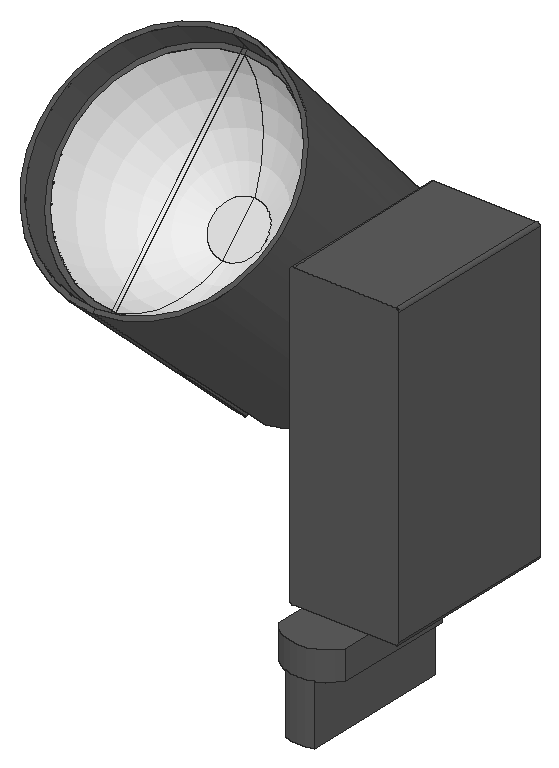
Revit family "0004890 Feilo Sylvania Lighting Fixture START TRACK SPOT L 35W 3K RA90 MB BLACK", category Lighting Fixtures, host Face, Revit 2017 (continued)
Definition of nested family "Start Track Spot Head"
  Types (96, lengths in mm): name | Wattage | built-in parameter 1150134 | Photometric Web File | Model | built-in parameter 1150105 | Lumens | built-in parameter 1150107 | built-in parameter 1150106 | HeadThickness_FEILO | HeadRibOffset_FEILO | HeadRibDepth_FEILO | HeadRibCutWidth_FEILO | HeadRibCutOffset_FEILO | HeadReflectorRadius_FEILO | HeadReflectorOffset_FEILO | HeadLEDRadius_FEILO | HeadHeight_FEILO | HeadDiffusorOffset_FEILO | HeadDiaOut_FEILO | HeadDiaIn_FEILO | HeadAxisFromTop_FEILO | Emit from Circle Diameter | built-in parameter 1150104 | Description | Apparent Load
    0004864 START TRACK SPOT S 24W 3K RA90 WB WHITE | 24 W | (empty or 0) | "0004864.ies" | "START TRACK SPOT S 24W 3K RA90 WB WHITE" | 152.79 (stored number, unit not read) | 1920 lm | 3000 (stored number, unit not read) | 1.5279 (stored number, unit not read) | 1.5 | 4.179 | 55.714 | 7.167 | 50.87 | 50.588 | 55.714 | 9.556 | 117 | 9.435 | 86 | 77.477 | 69.354 | 77.477 | 7.4322 (stored number, unit not read) | "Integrated LED spotlight, Textured White - RAL9016, compact and minimalist design, ideal for retail applications, die-cast aluminium body, passive cooling heatsink. Beam angle: 64°, color temperature: 3000K , total system power: 24W, total fixture output: 1928 lm, LOR: 100%, colour rendering: Ra: 90 typical, LED Chromaticity: 3 step MacAdam ellipse, lifetime: >50000 hours at L70B50, energy class: A++, A+, A, IR/UV free light source without heat radiation, operating voltage: 220-240V / 50-60Hz, drive current: 600mA, electronic driver, non-dimmable, power factor: 0.95, electrical protection: Class II, Global Track 3 Phase adapter suitable for Global trac 3-circuit tracks, ingress protection rating: IP20, suitable for internal environment only, horizontal rotation: 355°, vertical tilt: 90°, dimensions: Ø86x140x200, weight: 0.966kg." | 24 VA
    0004863 START TRACK SPOT S 24W 3K RA90 MB WHITE | 24 W | (empty or 0) | "0004863.ies" | "START TRACK SPOT S 24W 3K RA90 MB WHITE" | 154.7 (stored number, unit not read) | 1944 lm | 3000 (stored number, unit not read) | 1.547 (stored number, unit not read) | 1.5 | 4.179 | 55.714 | 7.167 | 50.87 | 50.588 | 55.714 | 9.556 | 117 | 9.435 | 86 | 77.477 | 69.354 | 77.477 | 7.5251 (stored number, unit not read) | "Integrated LED spotlight, Textured White - RAL9016, compact and minimalist design, ideal for retail applications, die-cast aluminium body, passive cooling heatsink. Beam angle: 36°, color temperature: 3000K , total system power: 24W, total fixture output: 1944 lm, LOR: 100%, colour rendering: Ra: 90 typical, LED Chromaticity: 3 step MacAdam ellipse, lifetime: >50000 hours at L70B50, energy class: A++, A+, A, IR/UV free light source without heat radiation, operating voltage: 220-240V / 50-60Hz, drive current: 600mA, electronic driver, non-dimmable, power factor: 0.95, electrical protection: Class II, Global Track 3 Phase adapter suitable for Global trac 3-circuit tracks, ingress protection rating: IP20, suitable for internal environment only, horizontal rotation: 355°, vertical tilt: 90°, dimensions: Ø86x140x200, weight: 0.966kg." | 24 VA
    0004862 START TRACK SPOT S 24W 3K RA90 NB WHITE | 24 W | (empty or 0) | "0004862.ies" | "START TRACK SPOT S 24W 3K RA90 NB WHITE" | 158.52 (stored number, unit not read) | 1992 lm | 3000 (stored number, unit not read) | 1.5852 (stored number, unit not read) | 1.5 | 4.179 | 55.714 | 7.167 | 50.87 | 50.588 | 55.714 | 9.556 | 117 | 9.435 | 86 | 77.477 | 69.354 | 77.477 | 7.711 (stored number, unit not read) | "Integrated LED spotlight, Textured White - RAL9016, compact and minimalist design, ideal for retail applications, die-cast aluminium body, passive cooling heatsink. Beam angle: 12°, color temperature: 3000K , total system power: 24W, total fixture output: 1987 lm, LOR: 100%, colour rendering: Ra: 90 typical, LED Chromaticity: 3 step MacAdam ellipse, lifetime: >50000 hours at L70B50, energy class: A++, A+, A, IR/UV free light source without heat radiation, operating voltage: 220-240V / 50-60Hz, drive current: 600mA, electronic driver, non-dimmable, power factor: 0.95, electrical protection: Class II, Global Track 3 Phase adapter suitable for Global trac 3-circuit tracks, ingress protection rating: IP20, suitable for internal environment only, horizontal rotation: 355°, vertical tilt: 90°, dimensions: Ø86x140x200, weight: 0.966kg." | 24 VA
    0004861 START TRACK SPOT S 14W 3K RA90 WB WHITE | 14 W | (empty or 0) | "0004861.ies" | "START TRACK SPOT S 14W 3K RA90 WB WHITE" | 100.27 (stored number, unit not read) | 1260 lm | 3000 (stored number, unit not read) | 1.0027 (stored number, unit not read) | 1.5 | 4.179 | 55.714 | 7.167 | 50.87 | 50.588 | 55.714 | 9.556 | 117 | 9.435 | 86 | 77.477 | 69.354 | 77.477 | 8.3613 (stored number, unit not read) | "Integrated LED spotlight, Textured White - RAL9016, compact and minimalist design, ideal for retail applications, die-cast aluminium body, passive cooling heatsink. Beam angle: 64°, color temperature: 3000K , total system power: 14W, total fixture output: 1262 lm, LOR: 100%, colour rendering: Ra: 90 typical, LED Chromaticity: 3 step MacAdam ellipse, lifetime: >50000 hours at L70B50, energy class: A++, A+, A, IR/UV free light source without heat radiation, operating voltage: 220-240V / 50-60Hz, drive current: 350mA, electronic driver, non-dimmable, power factor: 0.92, electrical protection: Class II, Global Track 3 Phase adapter suitable for Global trac 3-circuit tracks, ingress protection rating: IP20, suitable for internal environment only, horizontal rotation: 355°, vertical tilt: 90°, dimensions: Ø86x140x200, weight: 0.940kg." | 14 VA
    0004860 START TRACK SPOT S 14W 3K RA90 MB WHITE | 14 W | (empty or 0) | "0004860.ies" | "START TRACK SPOT S 14W 3K RA90 MB WHITE" | 100.27 (stored number, unit not read) | 1260 lm | 3000 (stored number, unit not read) | 1.0027 (stored number, unit not read) | 1.5 | 4.179 | 55.714 | 7.167 | 50.87 | 50.588 | 55.714 | 9.556 | 117 | 9.435 | 86 | 77.477 | 69.354 | 77.477 | 8.3613 (stored number, unit not read) | "Integrated LED spotlight, Textured White - RAL9016, compact and minimalist design, ideal for retail applications, die-cast aluminium body, passive cooling heatsink. Beam angle: 36°, color temperature: 3000K , total system power: 14W, total fixture output: 1262 lm, LOR: 100%, colour rendering: Ra: 90 typical, LED Chromaticity: 3 step MacAdam ellipse, lifetime: >50000 hours at L70B50, energy class: A++, A+, A, IR/UV free light source without heat radiation, operating voltage: 220-240V / 50-60Hz, drive current: 350mA, electronic driver, non-dimmable, power factor: 0.92, electrical protection: Class II, Global Track 3 Phase adapter suitable for Global trac 3-circuit tracks, ingress protection rating: IP20, suitable for internal environment only, horizontal rotation: 355°, vertical tilt: 90°, dimensions: Ø86x140x200, weight: 0.940kg." | 14 VA
    0004859 START TRACK SPOT S 14W 3K RA90 NB WHITE | 14 W | (empty or 0) | "0004859.ies" | "START TRACK SPOT S 14W 3K RA90 NB WHITE" | 102.5 (stored number, unit not read) | 1288 lm | 3000 (stored number, unit not read) | 1.025 (stored number, unit not read) | 1.5 | 4.179 | 55.714 | 7.167 | 50.87 | 50.588 | 55.714 | 9.556 | 117 | 9.435 | 86 | 77.477 | 69.354 | 77.477 | 8.5471 (stored number, unit not read) | "Integrated LED spotlight, Textured White - RAL9016, compact and minimalist design, ideal for retail applications, die-cast aluminium body, passive cooling heatsink. Beam angle: 12°, color temperature: 3000K , total system power: 14W, total fixture output: 1284 lm, LOR: 100%, colour rendering: Ra: 90 typical, LED Chromaticity: 3 step MacAdam ellipse, lifetime: >50000 hours at L70B50, energy class: A++, A+, A, IR/UV free light source without heat radiation, operating voltage: 220-240V / 50-60Hz, drive current: 350mA, electronic driver, non-dimmable, power factor: 0.92, electrical protection: Class II, Global Track 3 Phase adapter suitable for Global trac 3-circuit tracks, ingress protection rating: IP20, suitable for internal environment only, horizontal rotation: 355°, vertical tilt: 90°, dimensions: Ø86x140x200, weight: 0.940kg." | 14 VA
    0004858 START TRACK SPOT L 55W 4K RA80 WB BLACK | 55 W | 12 | "0004858.ies" | "START TRACK SPOT L 55W 4K RA80 WB BLACK" | 424.55 (stored number, unit not read) | 5335 lm | 4000 (stored number, unit not read) | 4.2455 (stored number, unit not read) | 2 | 4.429 | 59.048 | 9.417 | 53.913 | 66.471 | 59.048 | 12.556 | 124 | 10 | 113 | 101.802 | 73.503 | 101.802 | 9.0116 (stored number, unit not read) | "Integrated LED spotlight, Textured Black - RAL9005, compact and minimalist design, ideal for retail applications, die-cast aluminium body, passive cooling heatsink. Beam angle: 52°, color temperature: 4000K , total system power: 55W, total fixture output: 5320 lm, LOR: 100%, colour rendering: Ra: 80 typical, LED Chromaticity: 3 step MacAdam ellipse, lifetime: >50000 hours at L70B50, energy class: A++, A+, A, IR/UV free light source without heat radiation, operating voltage: 220-240V / 50-60Hz, drive current: 1400mA, electronic driver, non-dimmable, power factor: 0.96, electrical protection: Class II, Global Track 3 Phase adapter suitable for Global trac 3-circuit tracks, ingress protection rating: IP20, suitable for internal environment only, horizontal rotation: 355°, vertical tilt: 90°, dimensions: Ø113x164x240, weight: 1.398kg." | 55 VA
    0004857 START TRACK SPOT L 55W 4K RA80 MB BLACK | 55 W | 12 | "0004857.ies" | "START TRACK SPOT L 55W 4K RA80 MB BLACK" | 428.92 (stored number, unit not read) | 5390 lm | 4000 (stored number, unit not read) | 4.2892 (stored number, unit not read) | 2 | 4.429 | 59.048 | 9.417 | 53.913 | 66.471 | 59.048 | 12.556 | 124 | 10 | 113 | 101.802 | 73.503 | 101.802 | 9.1045 (stored number, unit not read) | "Integrated LED spotlight, Textured Black - RAL9005, compact and minimalist design, ideal for retail applications, die-cast aluminium body, passive cooling heatsink. Beam angle: 38°, color temperature: 4000K , total system power: 55W, total fixture output: 5378 lm, LOR: 100%, colour rendering: Ra: 80 typical, LED Chromaticity: 3 step MacAdam ellipse, lifetime: >50000 hours at L70B50, energy class: A++, A+, A, IR/UV free light source without heat radiation, operating voltage: 220-240V / 50-60Hz, drive current: 1400mA, electronic driver, non-dimmable, power factor: 0.96, electrical protection: Class II, Global Track 3 Phase adapter suitable for Global trac 3-circuit tracks, ingress protection rating: IP20, suitable for internal environment only, horizontal rotation: 355°, vertical tilt: 90°, dimensions: Ø113x164x240, weight: 1.398kg." | 55 VA
    0004856 START TRACK SPOT L 55W 4K RA80 NB BLACK | 55 W | 12 | "0004856.ies" | "START TRACK SPOT L 55W 4K RA80 NB BLACK" | 433.3 (stored number, unit not read) | 5445 lm | 4000 (stored number, unit not read) | 4.333 (stored number, unit not read) | 2 | 4.429 | 59.048 | 9.417 | 53.913 | 66.471 | 59.048 | 12.556 | 124 | 10 | 113 | 101.802 | 73.503 | 101.802 | 9.1974 (stored number, unit not read) | "Integrated LED spotlight, Textured Black - RAL9005, compact and minimalist design, ideal for retail applications, die-cast aluminium body, passive cooling heatsink. Beam angle: 15°, color temperature: 4000K , total system power: 55W, total fixture output: 5426 lm, LOR: 100%, colour rendering: Ra: 80 typical, LED Chromaticity: 3 step MacAdam ellipse, lifetime: >50000 hours at L70B50, energy class: A++, A+, A, IR/UV free light source without heat radiation, operating voltage: 220-240V / 50-60Hz, drive current: 1400mA, electronic driver, non-dimmable, power factor: 0.96, electrical protection: Class II, Global Track 3 Phase adapter suitable for Global trac 3-circuit tracks, ingress protection rating: IP20, suitable for internal environment only, horizontal rotation: 355°, vertical tilt: 90°, dimensions: Ø113x164x240, weight: 1.398kg." | 55 VA
    0004855 START TRACK SPOT L 35W 4K RA80 WB BLACK | 35 W | 12 | "0004855.ies" | "START TRACK SPOT L 35W 4K RA80 WB BLACK" | 320.3 (stored number, unit not read) | 4025 lm | 4000 (stored number, unit not read) | 3.203 (stored number, unit not read) | 2 | 4.429 | 59.048 | 9.417 | 53.913 | 66.471 | 59.048 | 12.556 | 124 | 10 | 113 | 101.802 | 73.503 | 101.802 | 10.684 (stored number, unit not read) | "Integrated LED spotlight, Textured Black - RAL9005, compact and minimalist design, ideal for retail applications, die-cast aluminium body, passive cooling heatsink. Beam angle: 52°, color temperature: 4000K , total system power: 35W, total fixture output: 4010 lm, LOR: 100%, colour rendering: Ra: 80 typical, LED Chromaticity: 3 step MacAdam ellipse, lifetime: >50000 hours at L70B50, energy class: A++, A+, A, IR/UV free light source without heat radiation, operating voltage: 220-240V / 50-60Hz, drive current: 900mA, electronic driver, non-dimmable, power factor: 0.93, electrical protection: Class II, Global Track 3 Phase adapter suitable for Global trac 3-circuit tracks, ingress protection rating: IP20, suitable for internal environment only, horizontal rotation: 355°, vertical tilt: 90°, dimensions: Ø113x164x240, weight: 1.368kg." | 35 VA
    0004854 START TRACK SPOT L 35W 4K RA80 MB BLACK | 35 W | 12 | "0004854.ies" | "START TRACK SPOT L 35W 4K RA80 MB BLACK" | 320.3 (stored number, unit not read) | 4025 lm | 4000 (stored number, unit not read) | 3.203 (stored number, unit not read) | 2 | 4.429 | 59.048 | 9.417 | 53.913 | 66.471 | 59.048 | 12.556 | 124 | 10 | 113 | 101.802 | 73.503 | 101.802 | 10.684 (stored number, unit not read) | "Integrated LED spotlight, Textured Black - RAL9005, compact and minimalist design, ideal for retail applications, die-cast aluminium body, passive cooling heatsink. Beam angle: 38°, color temperature: 4000K , total system power: 35W, total fixture output: 4017 lm, LOR: 100%, colour rendering: Ra: 80 typical, LED Chromaticity: 3 step MacAdam ellipse, lifetime: >50000 hours at L70B50, energy class: A++, A+, A, IR/UV free light source without heat radiation, operating voltage: 220-240V / 50-60Hz, drive current: 900mA, electronic driver, non-dimmable, power factor: 0.93, electrical protection: Class II, Global Track 3 Phase adapter suitable for Global trac 3-circuit tracks, ingress protection rating: IP20, suitable for internal environment only, horizontal rotation: 355°, vertical tilt: 90°, dimensions: Ø113x164x240, weight: 1.368kg." | 35 VA
    0004853 START TRACK SPOT L 35W 4K RA80 NB BLACK | 35 W | 12 | "0004853.ies" | "START TRACK SPOT L 35W 4K RA80 NB BLACK" | 331.44 (stored number, unit not read) | 4165 lm | 4000 (stored number, unit not read) | 3.3144 (stored number, unit not read) | 2 | 4.429 | 59.048 | 9.417 | 53.913 | 66.471 | 59.048 | 12.556 | 124 | 10 | 113 | 101.802 | 73.503 | 101.802 | 11.055 (stored number, unit not read) | "Integrated LED spotlight, Textured Black - RAL9005, compact and minimalist design, ideal for retail applications, die-cast aluminium body, passive cooling heatsink. Beam angle: 15°, color temperature: 4000K , total system power: 35W, total fixture output: 4174 lm, LOR: 100%, colour rendering: Ra: 80 typical, LED Chromaticity: 3 step MacAdam ellipse, lifetime: >50000 hours at L70B50, energy class: A++, A+, A, IR/UV free light source without heat radiation, operating voltage: 220-240V / 50-60Hz, drive current: 900mA, electronic driver, non-dimmable, power factor: 0.93, electrical protection: Class II, Global Track 3 Phase adapter suitable for Global trac 3-circuit tracks, ingress protection rating: IP20, suitable for internal environment only, horizontal rotation: 355°, vertical tilt: 90°, dimensions: Ø113x164x240, weight: 1.368kg." | 35 VA
    0004852 START TRACK SPOT S 24W 4K RA80 WB BLACK | 24 W | 12 | "0004852.ies" | "START TRACK SPOT S 24W 4K RA80 WB BLACK" | 196.72 (stored number, unit not read) | 2472 lm | 4000 (stored number, unit not read) | 1.9672 (stored number, unit not read) | 1.5 | 4.179 | 55.714 | 7.167 | 50.87 | 50.588 | 55.714 | 9.556 | 117 | 9.435 | 86 | 77.477 | 69.354 | 77.477 | 9.569 (stored number, unit not read) | "Integrated LED spotlight, Textured Black - RAL9005, compact and minimalist design, ideal for retail applications, die-cast aluminium body, passive cooling heatsink. Beam angle: 64°, color temperature: 4000K , total system power: 24W, total fixture output: 2476 lm, LOR: 100%, colour rendering: Ra: 80 typical, LED Chromaticity: 3 step MacAdam ellipse, lifetime: >50000 hours at L70B50, energy class: A++, A+, A, IR/UV free light source without heat radiation, operating voltage: 220-240V / 50-60Hz, drive current: 600mA, electronic driver, non-dimmable, power factor: 0.95, electrical protection: Class II, Global Track 3 Phase adapter suitable for Global trac 3-circuit tracks, ingress protection rating: IP20, suitable for internal environment only, horizontal rotation: 355°, vertical tilt: 90°, dimensions: Ø86x140x200, weight: 0.966kg." | 24 VA
    0004851 START TRACK SPOT S 24W 4K RA80 MB BLACK | 24 W | 12 | "0004851.ies" | "START TRACK SPOT S 24W 4K RA80 MB BLACK" | 198.63 (stored number, unit not read) | 2496 lm | 4000 (stored number, unit not read) | 1.9863 (stored number, unit not read) | 1.5 | 4.179 | 55.714 | 7.167 | 50.87 | 50.588 | 55.714 | 9.556 | 117 | 9.435 | 86 | 77.477 | 69.354 | 77.477 | 9.6619 (stored number, unit not read) | "Integrated LED spotlight, Textured Black - RAL9005, compact and minimalist design, ideal for retail applications, die-cast aluminium body, passive cooling heatsink. Beam angle: 36°, color temperature: 4000K , total system power: 24W, total fixture output: 2487 lm, LOR: 100%, colour rendering: Ra: 80 typical, LED Chromaticity: 3 step MacAdam ellipse, lifetime: >50000 hours at L70B50, energy class: A++, A+, A, IR/UV free light source without heat radiation, operating voltage: 220-240V / 50-60Hz, drive current: 600mA, electronic driver, non-dimmable, power factor: 0.95, electrical protection: Class II, Global Track 3 Phase adapter suitable for Global trac 3-circuit tracks, ingress protection rating: IP20, suitable for internal environment only, horizontal rotation: 355°, vertical tilt: 90°, dimensions: Ø86x140x200, weight: 0.966kg." | 24 VA
    0004850 START TRACK SPOT S 24W 4K RA80 NB BLACK | 24 W | 12 | "0004850.ies" | "START TRACK SPOT S 24W 4K RA80 NB BLACK" | 200.54 (stored number, unit not read) | 2520 lm | 4000 (stored number, unit not read) | 2.0054 (stored number, unit not read) | 1.5 | 4.179 | 55.714 | 7.167 | 50.87 | 50.588 | 55.714 | 9.556 | 117 | 9.435 | 86 | 77.477 | 69.354 | 77.477 | 9.7548 (stored number, unit not read) | "Integrated LED spotlight, Textured Black - RAL9005, compact and minimalist design, ideal for retail applications, die-cast aluminium body, passive cooling heatsink. Beam angle: 12°, color temperature: 4000K , total system power: 24W, total fixture output: 2529 lm, LOR: 100%, colour rendering: Ra: 80 typical, LED Chromaticity: 3 step MacAdam ellipse, lifetime: >50000 hours at L70B50, energy class: A++, A+, A, IR/UV free light source without heat radiation, operating voltage: 220-240V / 50-60Hz, drive current: 600mA, electronic driver, non-dimmable, power factor: 0.95, electrical protection: Class II, Global Track 3 Phase adapter suitable for Global trac 3-circuit tracks, ingress protection rating: IP20, suitable for internal environment only, horizontal rotation: 355°, vertical tilt: 90°, dimensions: Ø86x140x200, weight: 0.966kg." | 24 VA
    0004849 START TRACK SPOT S 14W 4K RA80 WB BLACK | 14 W | 12 | "0004849.ies" | "START TRACK SPOT S 14W 4K RA80 WB BLACK" | 123.66 (stored number, unit not read) | 1554 lm | 4000 (stored number, unit not read) | 1.2366 (stored number, unit not read) | 1.5 | 4.179 | 55.714 | 7.167 | 50.87 | 50.588 | 55.714 | 9.556 | 117 | 9.435 | 86 | 77.477 | 69.354 | 77.477 | 10.312 (stored number, unit not read) | "Integrated LED spotlight, Textured Black - RAL9005, compact and minimalist design, ideal for retail applications, die-cast aluminium body, passive cooling heatsink. Beam angle: 64°, color temperature: 4000K , total system power: 14W, total fixture output: 1558 lm, LOR: 100%, colour rendering: Ra: 80 typical, LED Chromaticity: 3 step MacAdam ellipse, lifetime: >50000 hours at L70B50, energy class: A++, A+, A, IR/UV free light source without heat radiation, operating voltage: 220-240V / 50-60Hz, drive current: 350mA, electronic driver, non-dimmable, power factor: 0.92, electrical protection: Class II, Global Track 3 Phase adapter suitable for Global trac 3-circuit tracks, ingress protection rating: IP20, suitable for internal environment only, horizontal rotation: 355°, vertical tilt: 90°, dimensions: Ø86x140x200, weight: 0.940kg." | 14 VA
    0004848 START TRACK SPOT S 14W 4K RA80 MB BLACK | 14 W | 12 | "0004848.ies" | "START TRACK SPOT S 14W 4K RA80 MB BLACK" | 127.01 (stored number, unit not read) | 1596 lm | 4000 (stored number, unit not read) | 1.2701 (stored number, unit not read) | 1.5 | 4.179 | 55.714 | 7.167 | 50.87 | 50.588 | 55.714 | 9.556 | 117 | 9.435 | 86 | 77.477 | 69.354 | 77.477 | 10.591 (stored number, unit not read) | "Integrated LED spotlight, Textured Black - RAL9005, compact and minimalist design, ideal for retail applications, die-cast aluminium body, passive cooling heatsink. Beam angle: 36°, color temperature: 4000K , total system power: 14W, total fixture output: 1598 lm, LOR: 100%, colour rendering: Ra: 80 typical, LED Chromaticity: 3 step MacAdam ellipse, lifetime: >50000 hours at L70B50, energy class: A++, A+, A, IR/UV free light source without heat radiation, operating voltage: 220-240V / 50-60Hz, drive current: 350mA, electronic driver, non-dimmable, power factor: 0.92, electrical protection: Class II, Global Track 3 Phase adapter suitable for Global trac 3-circuit tracks, ingress protection rating: IP20, suitable for internal environment only, horizontal rotation: 355°, vertical tilt: 90°, dimensions: Ø86x140x200, weight: 0.940kg." | 14 VA
    0004847 START TRACK SPOT S 14W 4K RA80 NB BLACK | 14 W | 12 | "0004847.ies" | "START TRACK SPOT S 14W 4K RA80 NB BLACK" | 128.12 (stored number, unit not read) | 1610 lm | 4000 (stored number, unit not read) | 1.2812 (stored number, unit not read) | 1.5 | 4.179 | 55.714 | 7.167 | 50.87 | 50.588 | 55.714 | 9.556 | 117 | 9.435 | 86 | 77.477 | 69.354 | 77.477 | 10.684 (stored number, unit not read) | "Integrated LED spotlight, Textured Black - RAL9005, compact and minimalist design, ideal for retail applications, die-cast aluminium body, passive cooling heatsink. Beam angle: 12°, color temperature: 4000K , total system power: 14W, total fixture output: 1608 lm, LOR: 100%, colour rendering: Ra: 80 typical, LED Chromaticity: 3 step MacAdam ellipse, lifetime: >50000 hours at L70B50, energy class: A++, A+, A, IR/UV free light source without heat radiation, operating voltage: 220-240V / 50-60Hz, drive current: 350mA, electronic driver, non-dimmable, power factor: 0.92, electrical protection: Class II, Global Track 3 Phase adapter suitable for Global trac 3-circuit tracks, ingress protection rating: IP20, suitable for internal environment only, horizontal rotation: 355°, vertical tilt: 90°, dimensions: Ø86x140x200, weight: 0.940kg." | 14 VA
    0004846 START TRACK SPOT L 55W 3K RA80 WB BLACK | 55 W | (empty or 0) | "0004846.ies" | "START TRACK SPOT L 55W 3K RA80 WB BLACK" | 420.17 (stored number, unit not read) | 5280 lm | 3000 (stored number, unit not read) | 4.2017 (stored number, unit not read) | 2 | 4.429 | 59.048 | 9.417 | 53.913 | 66.471 | 59.048 | 12.556 | 124 | 10 | 113 | 101.802 | 73.503 | 101.802 | 8.9187 (stored number, unit not read) | "Integrated LED spotlight, Textured Black - RAL9005, compact and minimalist design, ideal for retail applications, die-cast aluminium body, passive cooling heatsink. Beam angle: 52°, color temperature: 3000K , total system power: 55W, total fixture output: 5298 lm, LOR: 100%, colour rendering: Ra: 80 typical, LED Chromaticity: 3 step MacAdam ellipse, lifetime: >50000 hours at L70B50, energy class: A++, A+, A, IR/UV free light source without heat radiation, operating voltage: 220-240V / 50-60Hz, drive current: 1400mA, electronic driver, non-dimmable, power factor: 0.96, electrical protection: Class II, Global Track 3 Phase adapter suitable for Global trac 3-circuit tracks, ingress protection rating: IP20, suitable for internal environment only, horizontal rotation: 355°, vertical tilt: 90°, dimensions: Ø113x164x240, weight: 1.398kg." | 55 VA
    0004845 START TRACK SPOT L 55W 3K RA80 MB BLACK | 55 W | (empty or 0) | "0004845.ies" | "START TRACK SPOT L 55W 3K RA80 MB BLACK" | 428.92 (stored number, unit not read) | 5390 lm | 3000 (stored number, unit not read) | 4.2892 (stored number, unit not read) | 2 | 4.429 | 59.048 | 9.417 | 53.913 | 66.471 | 59.048 | 12.556 | 124 | 10 | 113 | 101.802 | 73.503 | 101.802 | 9.1045 (stored number, unit not read) | "Integrated LED spotlight, Textured Black - RAL9005, compact and minimalist design, ideal for retail applications, die-cast aluminium body, passive cooling heatsink. Beam angle: 38°, color temperature: 3000K , total system power: 55W, total fixture output: 5381 lm, LOR: 100%, colour rendering: Ra: 80 typical, LED Chromaticity: 3 step MacAdam ellipse, lifetime: >50000 hours at L70B50, energy class: A++, A+, A, IR/UV free light source without heat radiation, operating voltage: 220-240V / 50-60Hz, drive current: 1400mA, electronic driver, non-dimmable, power factor: 0.96, electrical protection: Class II, Global Track 3 Phase adapter suitable for Global trac 3-circuit tracks, ingress protection rating: IP20, suitable for internal environment only, horizontal rotation: 355°, vertical tilt: 90°, dimensions: Ø113x164x240, weight: 1.398kg." | 55 VA
    0004844 START TRACK SPOT L 55W 3K RA80 NB BLACK | 55 W | (empty or 0) | "0004844.ies" | "START TRACK SPOT L 55W 3K RA80 NB BLACK" | 433.3 (stored number, unit not read) | 5445 lm | 3000 (stored number, unit not read) | 4.333 (stored number, unit not read) | 2 | 4.429 | 59.048 | 9.417 | 53.913 | 66.471 | 59.048 | 12.556 | 124 | 10 | 113 | 101.802 | 73.503 | 101.802 | 9.1974 (stored number, unit not read) | "Integrated LED spotlight, Textured Black - RAL9005, compact and minimalist design, ideal for retail applications, die-cast aluminium body, passive cooling heatsink. Beam angle: 15°, color temperature: 3000K , total system power: 55W, total fixture output: 5449 lm, LOR: 100%, colour rendering: Ra: 80 typical, LED Chromaticity: 3 step MacAdam ellipse, lifetime: >50000 hours at L70B50, energy class: A++, A+, A, IR/UV free light source without heat radiation, operating voltage: 220-240V / 50-60Hz, drive current: 1400mA, electronic driver, non-dimmable, power factor: 0.96, electrical protection: Class II, Global Track 3 Phase adapter suitable for Global trac 3-circuit tracks, ingress protection rating: IP20, suitable for internal environment only, horizontal rotation: 355°, vertical tilt: 90°, dimensions: Ø113x164x240, weight: 1.398kg." | 55 VA
    0004843 START TRACK SPOT L 35W 3K RA80 WB BLACK | 35 W | (empty or 0) | "0004843.ies" | "START TRACK SPOT L 35W 3K RA80 WB BLACK" | 314.73 (stored number, unit not read) | 3955 lm | 3000 (stored number, unit not read) | 3.1473 (stored number, unit not read) | 2 | 4.429 | 59.048 | 9.417 | 53.913 | 66.471 | 59.048 | 12.556 | 124 | 10 | 113 | 101.802 | 73.503 | 101.802 | 10.498 (stored number, unit not read) | "Integrated LED spotlight, Textured Black - RAL9005, compact and minimalist design, ideal for retail applications, die-cast aluminium body, passive cooling heatsink. Beam angle: 52°, color temperature: 3000K , total system power: 35W, total fixture output: 3943 lm, LOR: 100%, colour rendering: Ra: 80 typical, LED Chromaticity: 3 step MacAdam ellipse, lifetime: >50000 hours at L70B50, energy class: A++, A+, A, IR/UV free light source without heat radiation, operating voltage: 220-240V / 50-60Hz, drive current: 900mA, electronic driver, non-dimmable, power factor: 0.93, electrical protection: Class II, Global Track 3 Phase adapter suitable for Global trac 3-circuit tracks, ingress protection rating: IP20, suitable for internal environment only, horizontal rotation: 355°, vertical tilt: 90°, dimensions: Ø113x164x240, weight: 1.368kg." | 35 VA
    0004842 START TRACK SPOT L 35W 3K RA80 MB BLACK | 35 W | (empty or 0) | "0004842.ies" | "START TRACK SPOT L 35W 3K RA80 MB BLACK" | 320.3 (stored number, unit not read) | 4025 lm | 3000 (stored number, unit not read) | 3.203 (stored number, unit not read) | 2 | 4.429 | 59.048 | 9.417 | 53.913 | 66.471 | 59.048 | 12.556 | 124 | 10 | 113 | 101.802 | 73.503 | 101.802 | 10.684 (stored number, unit not read) | "Integrated LED spotlight, Textured Black - RAL9005, compact and minimalist design, ideal for retail applications, die-cast aluminium body, passive cooling heatsink. Beam angle: 38°, color temperature: 3000K , total system power: 35W, total fixture output: 4008 lm, LOR: 100%, colour rendering: Ra: 80 typical, LED Chromaticity: 3 step MacAdam ellipse, lifetime: >50000 hours at L70B50, energy class: A++, A+, A, IR/UV free light source without heat radiation, operating voltage: 220-240V / 50-60Hz, drive current: 900mA, electronic driver, non-dimmable, power factor: 0.93, electrical protection: Class II, Global Track 3 Phase adapter suitable for Global trac 3-circuit tracks, ingress protection rating: IP20, suitable for internal environment only, horizontal rotation: 355°, vertical tilt: 90°, dimensions: Ø113x164x240, weight: 1.368kg." | 35 VA
    0004841 START TRACK SPOT L 35W 3K RA80 NB BLACK | 35 W | (empty or 0) | "0004841.ies" | "START TRACK SPOT L 35W 3K RA80 NB BLACK" | 317.51 (stored number, unit not read) | 3990 lm | 3000 (stored number, unit not read) | 3.1751 (stored number, unit not read) | 2 | 4.429 | 59.048 | 9.417 | 53.913 | 66.471 | 59.048 | 12.556 | 124 | 10 | 113 | 101.802 | 73.503 | 101.802 | 10.591 (stored number, unit not read) | "Integrated LED spotlight, Textured Black - RAL9005, compact and minimalist design, ideal for retail applications, die-cast aluminium body, passive cooling heatsink. Beam angle: 15°, color temperature: 3000K , total system power: 35W, total fixture output: 4005 lm, LOR: 100%, colour rendering: Ra: 80 typical, LED Chromaticity: 3 step MacAdam ellipse, lifetime: >50000 hours at L70B50, energy class: A++, A+, A, IR/UV free light source without heat radiation, operating voltage: 220-240V / 50-60Hz, drive current: 900mA, electronic driver, non-dimmable, power factor: 0.93, electrical protection: Class II, Global Track 3 Phase adapter suitable for Global trac 3-circuit tracks, ingress protection rating: IP20, suitable for internal environment only, horizontal rotation: 355°, vertical tilt: 90°, dimensions: Ø113x164x240, weight: 1.368kg." | 35 VA
    0004840 START TRACK SPOT S 24W 3K RA80 WB BLACK | 24 W | (empty or 0) | "0004840.ies" | "START TRACK SPOT S 24W 3K RA80 WB BLACK" | 185.26 (stored number, unit not read) | 2328 lm | 3000 (stored number, unit not read) | 1.8526 (stored number, unit not read) | 1.5 | 4.179 | 55.714 | 7.167 | 50.87 | 50.588 | 55.714 | 9.556 | 117 | 9.435 | 86 | 77.477 | 69.354 | 77.477 | 9.0116 (stored number, unit not read) | "Integrated LED spotlight, Textured Black - RAL9005, compact and minimalist design, ideal for retail applications, die-cast aluminium body, passive cooling heatsink. Beam angle: 64°, color temperature: 3000K , total system power: 24W, total fixture output: 2318 lm, LOR: 100%, colour rendering: Ra: 80 typical, LED Chromaticity: 3 step MacAdam ellipse, lifetime: >50000 hours at L70B50, energy class: A++, A+, A, IR/UV free light source without heat radiation, operating voltage: 220-240V / 50-60Hz, drive current: 600mA, electronic driver, non-dimmable, power factor: 0.95, electrical protection: Class II, Global Track 3 Phase adapter suitable for Global trac 3-circuit tracks, ingress protection rating: IP20, suitable for internal environment only, horizontal rotation: 355°, vertical tilt: 90°, dimensions: Ø86x140x200, weight: 0.966kg." | 24 VA
    0004839 START TRACK SPOT S 24W 3K RA80 MB BLACK | 24 W | (empty or 0) | "0004839.ies" | "START TRACK SPOT S 24W 3K RA80 MB BLACK" | 183.35 (stored number, unit not read) | 2304 lm | 3000 (stored number, unit not read) | 1.8335 (stored number, unit not read) | 1.5 | 4.179 | 55.714 | 7.167 | 50.87 | 50.588 | 55.714 | 9.556 | 117 | 9.435 | 86 | 77.477 | 69.354 | 77.477 | 8.9187 (stored number, unit not read) | "Integrated LED spotlight, Textured Black - RAL9005, compact and minimalist design, ideal for retail applications, die-cast aluminium body, passive cooling heatsink. Beam angle: 36°, color temperature: 3000K , total system power: 24W, total fixture output: 2314 lm, LOR: 100%, colour rendering: Ra: 80 typical, LED Chromaticity: 3 step MacAdam ellipse, lifetime: >50000 hours at L70B50, energy class: A++, A+, A, IR/UV free light source without heat radiation, operating voltage: 220-240V / 50-60Hz, drive current: 600mA, electronic driver, non-dimmable, power factor: 0.95, electrical protection: Class II, Global Track 3 Phase adapter suitable for Global trac 3-circuit tracks, ingress protection rating: IP20, suitable for internal environment only, horizontal rotation: 355°, vertical tilt: 90°, dimensions: Ø86x140x200, weight: 0.966kg." | 24 VA
    0004838 START TRACK SPOT S 24W 3K RA80 NB BLACK | 24 W | (empty or 0) | "0004838.ies" | "START TRACK SPOT S 24W 3K RA80 NB BLACK" | 185.26 (stored number, unit not read) | 2328 lm | 3000 (stored number, unit not read) | 1.8526 (stored number, unit not read) | 1.5 | 4.179 | 55.714 | 7.167 | 50.87 | 50.588 | 55.714 | 9.556 | 117 | 9.435 | 86 | 77.477 | 69.354 | 77.477 | 9.0116 (stored number, unit not read) | "Integrated LED spotlight, Textured Black - RAL9005, compact and minimalist design, ideal for retail applications, die-cast aluminium body, passive cooling heatsink. Beam angle: 12°, color temperature: 3000K , total system power: 24W, total fixture output: 2334 lm, LOR: 100%, colour rendering: Ra: 80 typical, LED Chromaticity: 3 step MacAdam ellipse, lifetime: >50000 hours at L70B50, energy class: A++, A+, A, IR/UV free light source without heat radiation, operating voltage: 220-240V / 50-60Hz, drive current: 600mA, electronic driver, non-dimmable, power factor: 0.95, electrical protection: Class II, Global Track 3 Phase adapter suitable for Global trac 3-circuit tracks, ingress protection rating: IP20, suitable for internal environment only, horizontal rotation: 355°, vertical tilt: 90°, dimensions: Ø86x140x200, weight: 0.966kg." | 24 VA
    0004837 START TRACK SPOT S 14W 3K RA80 WB BLACK | 14 W | (empty or 0) | "0004837.ies" | "START TRACK SPOT S 14W 3K RA80 WB BLACK" | 119.21 (stored number, unit not read) | 1498 lm | 3000 (stored number, unit not read) | 1.1921 (stored number, unit not read) | 1.5 | 4.179 | 55.714 | 7.167 | 50.87 | 50.588 | 55.714 | 9.556 | 117 | 9.435 | 86 | 77.477 | 69.354 | 77.477 | 9.9406 (stored number, unit not read) | "Integrated LED spotlight, Textured Black - RAL9005, compact and minimalist design, ideal for retail applications, die-cast aluminium body, passive cooling heatsink. Beam angle: 64°, color temperature: 3000K , total system power: 14W, total fixture output: 1498 lm, LOR: 100%, colour rendering: Ra: 80 typical, LED Chromaticity: 3 step MacAdam ellipse, lifetime: >50000 hours at L70B50, energy class: A++, A+, A, IR/UV free light source without heat radiation, operating voltage: 220-240V / 50-60Hz, drive current: 350mA, electronic driver, non-dimmable, power factor: 0.92, electrical protection: Class II, Global Track 3 Phase adapter suitable for Global trac 3-circuit tracks, ingress protection rating: IP20, suitable for internal environment only, horizontal rotation: 355°, vertical tilt: 90°, dimensions: Ø86x140x200, weight: 0.940kg." | 14 VA
    0004836 START TRACK SPOT S 14W 3K RA80 MB BLACK | 14 W | (empty or 0) | "0004836.ies" | "START TRACK SPOT S 14W 3K RA80 MB BLACK" | 120.32 (stored number, unit not read) | 1512 lm | 3000 (stored number, unit not read) | 1.2032 (stored number, unit not read) | 1.5 | 4.179 | 55.714 | 7.167 | 50.87 | 50.588 | 55.714 | 9.556 | 117 | 9.435 | 86 | 77.477 | 69.354 | 77.477 | 10.034 (stored number, unit not read) | "Integrated LED spotlight, Textured Black - RAL9005, compact and minimalist design, ideal for retail applications, die-cast aluminium body, passive cooling heatsink. Beam angle: 36°, color temperature: 3000K , total system power: 14W, total fixture output: 1508 lm, LOR: 100%, colour rendering: Ra: 80 typical, LED Chromaticity: 3 step MacAdam ellipse, lifetime: >50000 hours at L70B50, energy class: A++, A+, A, IR/UV free light source without heat radiation, operating voltage: 220-240V / 50-60Hz, drive current: 350mA, electronic driver, non-dimmable, power factor: 0.92, electrical protection: Class II, Global Track 3 Phase adapter suitable for Global trac 3-circuit tracks, ingress protection rating: IP20, suitable for internal environment only, horizontal rotation: 355°, vertical tilt: 90°, dimensions: Ø86x140x200, weight: 0.940kg." | 14 VA
    0004835 START TRACK SPOT S 14W 3K RA80 NB BLACK | 14 W | (empty or 0) | "0004835.ies" | "START TRACK SPOT S 14W 3K RA80 NB BLACK" | 123.66 (stored number, unit not read) | 1554 lm | 3000 (stored number, unit not read) | 1.2366 (stored number, unit not read) | 1.5 | 4.179 | 55.714 | 7.167 | 50.87 | 50.588 | 55.714 | 9.556 | 117 | 9.435 | 86 | 77.477 | 69.354 | 77.477 | 10.312 (stored number, unit not read) | "Integrated LED spotlight, Textured Black - RAL9005, compact and minimalist design, ideal for retail applications, die-cast aluminium body, passive cooling heatsink. Beam angle: 12°, color temperature: 3000K , total system power: 14W, total fixture output: 1551 lm, LOR: 100%, colour rendering: Ra: 80 typical, LED Chromaticity: 3 step MacAdam ellipse, lifetime: >50000 hours at L70B50, energy class: A++, A+, A, IR/UV free light source without heat radiation, operating voltage: 220-240V / 50-60Hz, drive current: 350mA, electronic driver, non-dimmable, power factor: 0.92, electrical protection: Class II, Global Track 3 Phase adapter suitable for Global trac 3-circuit tracks, ingress protection rating: IP20, suitable for internal environment only, horizontal rotation: 355°, vertical tilt: 90°, dimensions: Ø86x140x200, weight: 0.940kg." | 14 VA
    0004834 START TRACK SPOT L 55W 4K RA80 WB WHITE | 55 W | 12 | "0004834.ies" | "START TRACK SPOT L 55W 4K RA80 WB WHITE" | 424.55 (stored number, unit not read) | 5335 lm | 4000 (stored number, unit not read) | 4.2455 (stored number, unit not read) | 2 | 4.429 | 59.048 | 9.417 | 53.913 | 66.471 | 59.048 | 12.556 | 124 | 10 | 113 | 101.802 | 73.503 | 101.802 | 9.0116 (stored number, unit not read) | "Integrated LED spotlight, Textured White - RAL9016, compact and minimalist design, ideal for retail applications, die-cast aluminium body, passive cooling heatsink. Beam angle: 52°, color temperature: 4000K , total system power: 55W, total fixture output: 5320 lm, LOR: 100%, colour rendering: Ra: 80 typical, LED Chromaticity: 3 step MacAdam ellipse, lifetime: >50000 hours at L70B50, energy class: A++, A+, A, IR/UV free light source without heat radiation, operating voltage: 220-240V / 50-60Hz, drive current: 1400mA, electronic driver, non-dimmable, power factor: 0.96, electrical protection: Class II, Global Track 3 Phase adapter suitable for Global trac 3-circuit tracks, ingress protection rating: IP20, suitable for internal environment only, horizontal rotation: 355°, vertical tilt: 90°, dimensions: Ø113x164x240, weight: 1.398kg." | 55 VA
    0004833 START TRACK SPOT L 55W 4K RA80 MB WHITE | 55 W | 12 | "0004833.ies" | "START TRACK SPOT L 55W 4K RA80 MB WHITE" | 428.92 (stored number, unit not read) | 5390 lm | 4000 (stored number, unit not read) | 4.2892 (stored number, unit not read) | 2 | 4.429 | 59.048 | 9.417 | 53.913 | 66.471 | 59.048 | 12.556 | 124 | 10 | 113 | 101.802 | 73.503 | 101.802 | 9.1045 (stored number, unit not read) | "Integrated LED spotlight, Textured White - RAL9016, compact and minimalist design, ideal for retail applications, die-cast aluminium body, passive cooling heatsink. Beam angle: 38°, color temperature: 4000K , total system power: 55W, total fixture output: 5378 lm, LOR: 100%, colour rendering: Ra: 80 typical, LED Chromaticity: 3 step MacAdam ellipse, lifetime: >50000 hours at L70B50, energy class: A++, A+, A, IR/UV free light source without heat radiation, operating voltage: 220-240V / 50-60Hz, drive current: 1400mA, electronic driver, non-dimmable, power factor: 0.96, electrical protection: Class II, Global Track 3 Phase adapter suitable for Global trac 3-circuit tracks, ingress protection rating: IP20, suitable for internal environment only, horizontal rotation: 355°, vertical tilt: 90°, dimensions: Ø113x164x240, weight: 1.398kg." | 55 VA
    0004832 START TRACK SPOT L 55W 4K RA80 NB WHITE | 55 W | 12 | "0004832.ies" | "START TRACK SPOT L 55W 4K RA80 NB WHITE" | 433.3 (stored number, unit not read) | 5445 lm | 4000 (stored number, unit not read) | 4.333 (stored number, unit not read) | 2 | 4.429 | 59.048 | 9.417 | 53.913 | 66.471 | 59.048 | 12.556 | 124 | 10 | 113 | 101.802 | 73.503 | 101.802 | 9.1974 (stored number, unit not read) | "Integrated LED spotlight, Textured White - RAL9016, compact and minimalist design, ideal for retail applications, die-cast aluminium body, passive cooling heatsink. Beam angle: 15°, color temperature: 4000K , total system power: 55W, total fixture output: 5426 lm, LOR: 100%, colour rendering: Ra: 80 typical, LED Chromaticity: 3 step MacAdam ellipse, lifetime: >50000 hours at L70B50, energy class: A++, A+, A, IR/UV free light source without heat radiation, operating voltage: 220-240V / 50-60Hz, drive current: 1400mA, electronic driver, non-dimmable, power factor: 0.96, electrical protection: Class II, Global Track 3 Phase adapter suitable for Global trac 3-circuit tracks, ingress protection rating: IP20, suitable for internal environment only, horizontal rotation: 355°, vertical tilt: 90°, dimensions: Ø113x164x240, weight: 1.398kg." | 55 VA
    0004831 START TRACK SPOT L 35W 4K RA80 WB WHITE | 35 W | 12 | "0004831.ies" | "START TRACK SPOT L 35W 4K RA80 WB WHITE" | 320.3 (stored number, unit not read) | 4025 lm | 4000 (stored number, unit not read) | 3.203 (stored number, unit not read) | 2 | 4.429 | 59.048 | 9.417 | 53.913 | 66.471 | 59.048 | 12.556 | 124 | 10 | 113 | 101.802 | 73.503 | 101.802 | 10.684 (stored number, unit not read) | "Integrated LED spotlight, Textured White - RAL9016, compact and minimalist design, ideal for retail applications, die-cast aluminium body, passive cooling heatsink. Beam angle: 52°, color temperature: 4000K , total system power: 35W, total fixture output: 4010 lm, LOR: 100%, colour rendering: Ra: 80 typical, LED Chromaticity: 3 step MacAdam ellipse, lifetime: >50000 hours at L70B50, energy class: A++, A+, A, IR/UV free light source without heat radiation, operating voltage: 220-240V / 50-60Hz, drive current: 900mA, electronic driver, non-dimmable, power factor: 0.93, electrical protection: Class II, Global Track 3 Phase adapter suitable for Global trac 3-circuit tracks, ingress protection rating: IP20, suitable for internal environment only, horizontal rotation: 355°, vertical tilt: 90°, dimensions: Ø113x164x240, weight: 1.368kg." | 35 VA
    0004830 START TRACK SPOT L 35W 4K RA80 MB WHITE | 35 W | 12 | "0004830.ies" | "START TRACK SPOT L 35W 4K RA80 MB WHITE" | 320.3 (stored number, unit not read) | 4025 lm | 4000 (stored number, unit not read) | 3.203 (stored number, unit not read) | 2 | 4.429 | 59.048 | 9.417 | 53.913 | 66.471 | 59.048 | 12.556 | 124 | 10 | 113 | 101.802 | 73.503 | 101.802 | 10.684 (stored number, unit not read) | "Integrated LED spotlight, Textured White - RAL9016, compact and minimalist design, ideal for retail applications, die-cast aluminium body, passive cooling heatsink. Beam angle: 38°, color temperature: 4000K , total system power: 35W, total fixture output: 4017 lm, LOR: 100%, colour rendering: Ra: 80 typical, LED Chromaticity: 3 step MacAdam ellipse, lifetime: >50000 hours at L70B50, energy class: A++, A+, A, IR/UV free light source without heat radiation, operating voltage: 220-240V / 50-60Hz, drive current: 900mA, electronic driver, non-dimmable, power factor: 0.93, electrical protection: Class II, Global Track 3 Phase adapter suitable for Global trac 3-circuit tracks, ingress protection rating: IP20, suitable for internal environment only, horizontal rotation: 355°, vertical tilt: 90°, dimensions: Ø113x164x240, weight: 1.368kg." | 35 VA
    0004829 START TRACK SPOT L 35W 4K RA80 NB WHITE | 35 W | 12 | "0004829.ies" | "START TRACK SPOT L 35W 4K RA80 NB WHITE" | 331.44 (stored number, unit not read) | 4165 lm | 4000 (stored number, unit not read) | 3.3144 (stored number, unit not read) | 2 | 4.429 | 59.048 | 9.417 | 53.913 | 66.471 | 59.048 | 12.556 | 124 | 10 | 113 | 101.802 | 73.503 | 101.802 | 11.055 (stored number, unit not read) | "Integrated LED spotlight, Textured White - RAL9016, compact and minimalist design, ideal for retail applications, die-cast aluminium body, passive cooling heatsink. Beam angle: 15°, color temperature: 4000K , total system power: 35W, total fixture output: 4174 lm, LOR: 100%, colour rendering: Ra: 80 typical, LED Chromaticity: 3 step MacAdam ellipse, lifetime: >50000 hours at L70B50, energy class: A++, A+, A, IR/UV free light source without heat radiation, operating voltage: 220-240V / 50-60Hz, drive current: 900mA, electronic driver, non-dimmable, power factor: 0.93, electrical protection: Class II, Global Track 3 Phase adapter suitable for Global trac 3-circuit tracks, ingress protection rating: IP20, suitable for internal environment only, horizontal rotation: 355°, vertical tilt: 90°, dimensions: Ø113x164x240, weight: 1.368kg." | 35 VA
    0004828 START TRACK SPOT S 24W 4K RA80 WB WHITE | 24 W | 12 | "0004828.ies" | "START TRACK SPOT S 24W 4K RA80 WB WHITE" | 196.72 (stored number, unit not read) | 2472 lm | 4000 (stored number, unit not read) | 1.9672 (stored number, unit not read) | 1.5 | 4.179 | 55.714 | 7.167 | 50.87 | 50.588 | 55.714 | 9.556 | 117 | 9.435 | 86 | 77.477 | 69.354 | 77.477 | 9.569 (stored number, unit not read) | "Integrated LED spotlight, Textured White - RAL9016, compact and minimalist design, ideal for retail applications, die-cast aluminium body, passive cooling heatsink. Beam angle: 64°, color temperature: 4000K , total system power: 24W, total fixture output: 2476 lm, LOR: 100%, colour rendering: Ra: 80 typical, LED Chromaticity: 3 step MacAdam ellipse, lifetime: >50000 hours at L70B50, energy class: A++, A+, A, IR/UV free light source without heat radiation, operating voltage: 220-240V / 50-60Hz, drive current: 600mA, electronic driver, non-dimmable, power factor: 0.95, electrical protection: Class II, Global Track 3 Phase adapter suitable for Global trac 3-circuit tracks, ingress protection rating: IP20, suitable for internal environment only, horizontal rotation: 355°, vertical tilt: 90°, dimensions: Ø86x140x200, weight: 0.966kg." | 24 VA
    0004827 START TRACK SPOT S 24W 4K RA80 MB WHITE | 24 W | 12 | "0004827.ies" | "START TRACK SPOT S 24W 4K RA80 MB WHITE" | 198.63 (stored number, unit not read) | 2496 lm | 4000 (stored number, unit not read) | 1.9863 (stored number, unit not read) | 1.5 | 4.179 | 55.714 | 7.167 | 50.87 | 50.588 | 55.714 | 9.556 | 117 | 9.435 | 86 | 77.477 | 69.354 | 77.477 | 9.6619 (stored number, unit not read) | "Integrated LED spotlight, Textured White - RAL9016, compact and minimalist design, ideal for retail applications, die-cast aluminium body, passive cooling heatsink. Beam angle: 36°, color temperature: 4000K , total system power: 24W, total fixture output: 2487 lm, LOR: 100%, colour rendering: Ra: 80 typical, LED Chromaticity: 3 step MacAdam ellipse, lifetime: >50000 hours at L70B50, energy class: A++, A+, A, IR/UV free light source without heat radiation, operating voltage: 220-240V / 50-60Hz, drive current: 600mA, electronic driver, non-dimmable, power factor: 0.95, electrical protection: Class II, Global Track 3 Phase adapter suitable for Global trac 3-circuit tracks, ingress protection rating: IP20, suitable for internal environment only, horizontal rotation: 355°, vertical tilt: 90°, dimensions: Ø86x140x200, weight: 0.966kg." | 24 VA
    0004826 START TRACK SPOT S 24W 4K RA80 NB WHITE | 24 W | 12 | "0004826.ies" | "START TRACK SPOT S 24W 4K RA80 NB WHITE" | 200.54 (stored number, unit not read) | 2520 lm | 4000 (stored number, unit not read) | 2.0054 (stored number, unit not read) | 1.5 | 4.179 | 55.714 | 7.167 | 50.87 | 50.588 | 55.714 | 9.556 | 117 | 9.435 | 86 | 77.477 | 69.354 | 77.477 | 9.7548 (stored number, unit not read) | "Integrated LED spotlight, Textured White - RAL9016, compact and minimalist design, ideal for retail applications, die-cast aluminium body, passive cooling heatsink. Beam angle: 12°, color temperature: 4000K , total system power: 24W, total fixture output: 2529 lm, LOR: 100%, colour rendering: Ra: 80 typical, LED Chromaticity: 3 step MacAdam ellipse, lifetime: >50000 hours at L70B50, energy class: A++, A+, A, IR/UV free light source without heat radiation, operating voltage: 220-240V / 50-60Hz, drive current: 600mA, electronic driver, non-dimmable, power factor: 0.95, electrical protection: Class II, Global Track 3 Phase adapter suitable for Global trac 3-circuit tracks, ingress protection rating: IP20, suitable for internal environment only, horizontal rotation: 355°, vertical tilt: 90°, dimensions: Ø86x140x200, weight: 0.966kg." | 24 VA
    0004825 START TRACK SPOT S 14W 4K RA80 WB WHITE | 14 W | 12 | "0004825.ies" | "START TRACK SPOT S 14W 4K RA80 WB WHITE" | 123.66 (stored number, unit not read) | 1554 lm | 4000 (stored number, unit not read) | 1.2366 (stored number, unit not read) | 1.5 | 4.179 | 55.714 | 7.167 | 50.87 | 50.588 | 55.714 | 9.556 | 117 | 9.435 | 86 | 77.477 | 69.354 | 77.477 | 10.312 (stored number, unit not read) | "Integrated LED spotlight, Textured White - RAL9016, compact and minimalist design, ideal for retail applications, die-cast aluminium body, passive cooling heatsink. Beam angle: 64°, color temperature: 4000K , total system power: 14W, total fixture output: 1558 lm, LOR: 100%, colour rendering: Ra: 80 typical, LED Chromaticity: 3 step MacAdam ellipse, lifetime: >50000 hours at L70B50, energy class: A++, A+, A, IR/UV free light source without heat radiation, operating voltage: 220-240V / 50-60Hz, drive current: 350mA, electronic driver, non-dimmable, power factor: 0.92, electrical protection: Class II, Global Track 3 Phase adapter suitable for Global trac 3-circuit tracks, ingress protection rating: IP20, suitable for internal environment only, horizontal rotation: 355°, vertical tilt: 90°, dimensions: Ø86x140x200, weight: 0.940kg." | 14 VA
    0004824 START TRACK SPOT S 14W 4K RA80 MB WHITE | 14 W | 12 | "0004824.ies" | "START TRACK SPOT S 14W 4K RA80 MB WHITE" | 127.01 (stored number, unit not read) | 1596 lm | 4000 (stored number, unit not read) | 1.2701 (stored number, unit not read) | 1.5 | 4.179 | 55.714 | 7.167 | 50.87 | 50.588 | 55.714 | 9.556 | 117 | 9.435 | 86 | 77.477 | 69.354 | 77.477 | 10.591 (stored number, unit not read) | "Integrated LED spotlight, Textured White - RAL9016, compact and minimalist design, ideal for retail applications, die-cast aluminium body, passive cooling heatsink. Beam angle: 36°, color temperature: 4000K , total system power: 14W, total fixture output: 1598 lm, LOR: 100%, colour rendering: Ra: 80 typical, LED Chromaticity: 3 step MacAdam ellipse, lifetime: >50000 hours at L70B50, energy class: A++, A+, A, IR/UV free light source without heat radiation, operating voltage: 220-240V / 50-60Hz, drive current: 350mA, electronic driver, non-dimmable, power factor: 0.92, electrical protection: Class II, Global Track 3 Phase adapter suitable for Global trac 3-circuit tracks, ingress protection rating: IP20, suitable for internal environment only, horizontal rotation: 355°, vertical tilt: 90°, dimensions: Ø86x140x200, weight: 0.940kg." | 14 VA
    0004823 START TRACK SPOT S 14W 4K RA80 NB WHITE | 14 W | 12 | "0004823.ies" | "START TRACK SPOT S 14W 4K RA80 NB WHITE" | 128.12 (stored number, unit not read) | 1610 lm | 4000 (stored number, unit not read) | 1.2812 (stored number, unit not read) | 1.5 | 4.179 | 55.714 | 7.167 | 50.87 | 50.588 | 55.714 | 9.556 | 117 | 9.435 | 86 | 77.477 | 69.354 | 77.477 | 10.684 (stored number, unit not read) | "Integrated LED spotlight, Textured White - RAL9016, compact and minimalist design, ideal for retail applications, die-cast aluminium body, passive cooling heatsink. Beam angle: 12°, color temperature: 4000K , total system power: 14W, total fixture output: 1608 lm, LOR: 100%, colour rendering: Ra: 80 typical, LED Chromaticity: 3 step MacAdam ellipse, lifetime: >50000 hours at L70B50, energy class: A++, A+, A, IR/UV free light source without heat radiation, operating voltage: 220-240V / 50-60Hz, drive current: 350mA, electronic driver, non-dimmable, power factor: 0.92, electrical protection: Class II, Global Track 3 Phase adapter suitable for Global trac 3-circuit tracks, ingress protection rating: IP20, suitable for internal environment only, horizontal rotation: 355°, vertical tilt: 90°, dimensions: Ø86x140x200, weight: 0.940kg." | 14 VA
    0004822 START TRACK SPOT L 55W 3K RA80 WB WHITE | 55 W | (empty or 0) | "0004822.ies" | "START TRACK SPOT L 55W 3K RA80 WB WHITE" | 420.17 (stored number, unit not read) | 5280 lm | 3000 (stored number, unit not read) | 4.2017 (stored number, unit not read) | 2 | 4.429 | 59.048 | 9.417 | 53.913 | 66.471 | 59.048 | 12.556 | 124 | 10 | 113 | 101.802 | 73.503 | 101.802 | 8.9187 (stored number, unit not read) | "Integrated LED spotlight, Textured White - RAL9016, compact and minimalist design, ideal for retail applications, die-cast aluminium body, passive cooling heatsink. Beam angle: 52°, color temperature: 3000K , total system power: 55W, total fixture output: 5298 lm, LOR: 100%, colour rendering: Ra: 80 typical, LED Chromaticity: 3 step MacAdam ellipse, lifetime: >50000 hours at L70B50, energy class: A++, A+, A, IR/UV free light source without heat radiation, operating voltage: 220-240V / 50-60Hz, drive current: 1400mA, electronic driver, non-dimmable, power factor: 0.96, electrical protection: Class II, Global Track 3 Phase adapter suitable for Global trac 3-circuit tracks, ingress protection rating: IP20, suitable for internal environment only, horizontal rotation: 355°, vertical tilt: 90°, dimensions: Ø113x164x240, weight: 1.398kg." | 55 VA
    0004821 START TRACK SPOT L 55W 3K RA80 MB WHITE | 55 W | (empty or 0) | "0004821.ies" | "START TRACK SPOT L 55W 3K RA80 MB WHITE" | 428.92 (stored number, unit not read) | 5390 lm | 3000 (stored number, unit not read) | 4.2892 (stored number, unit not read) | 2 | 4.429 | 59.048 | 9.417 | 53.913 | 66.471 | 59.048 | 12.556 | 124 | 10 | 113 | 101.802 | 73.503 | 101.802 | 9.1045 (stored number, unit not read) | "Integrated LED spotlight, Textured White - RAL9016, compact and minimalist design, ideal for retail applications, die-cast aluminium body, passive cooling heatsink. Beam angle: 38°, color temperature: 3000K , total system power: 55W, total fixture output: 5381 lm, LOR: 100%, colour rendering: Ra: 80 typical, LED Chromaticity: 3 step MacAdam ellipse, lifetime: >50000 hours at L70B50, energy class: A++, A+, A, IR/UV free light source without heat radiation, operating voltage: 220-240V / 50-60Hz, drive current: 1400mA, electronic driver, non-dimmable, power factor: 0.96, electrical protection: Class II, Global Track 3 Phase adapter suitable for Global trac 3-circuit tracks, ingress protection rating: IP20, suitable for internal environment only, horizontal rotation: 355°, vertical tilt: 90°, dimensions: Ø113x164x240, weight: 1.398kg." | 55 VA
    0004820 START TRACK SPOT L 55W 3K RA80 NB WHITE | 55 W | (empty or 0) | "0004820.ies" | "START TRACK SPOT L 55W 3K RA80 NB WHITE" | 433.3 (stored number, unit not read) | 5445 lm | 3000 (stored number, unit not read) | 4.333 (stored number, unit not read) | 2 | 4.429 | 59.048 | 9.417 | 53.913 | 66.471 | 59.048 | 12.556 | 124 | 10 | 113 | 101.802 | 73.503 | 101.802 | 9.1974 (stored number, unit not read) | "Integrated LED spotlight, Textured White - RAL9016, compact and minimalist design, ideal for retail applications, die-cast aluminium body, passive cooling heatsink. Beam angle: 15°, color temperature: 3000K , total system power: 55W, total fixture output: 5449 lm, LOR: 100%, colour rendering: Ra: 80 typical, LED Chromaticity: 3 step MacAdam ellipse, lifetime: >50000 hours at L70B50, energy class: A++, A+, A, IR/UV free light source without heat radiation, operating voltage: 220-240V / 50-60Hz, drive current: 1400mA, electronic driver, non-dimmable, power factor: 0.96, electrical protection: Class II, Global Track 3 Phase adapter suitable for Global trac 3-circuit tracks, ingress protection rating: IP20, suitable for internal environment only, horizontal rotation: 355°, vertical tilt: 90°, dimensions: Ø113x164x240, weight: 1.398kg." | 55 VA
    0004819 START TRACK SPOT L 35W 3K RA80 WB WHITE | 35 W | (empty or 0) | "0004819.ies" | "START TRACK SPOT L 35W 3K RA80 WB WHITE" | 314.73 (stored number, unit not read) | 3955 lm | 3000 (stored number, unit not read) | 3.1473 (stored number, unit not read) | 2 | 4.429 | 59.048 | 9.417 | 53.913 | 66.471 | 59.048 | 12.556 | 124 | 10 | 113 | 101.802 | 73.503 | 101.802 | 10.498 (stored number, unit not read) | "Integrated LED spotlight, Textured White - RAL9016, compact and minimalist design, ideal for retail applications, die-cast aluminium body, passive cooling heatsink. Beam angle: 52°, color temperature: 3000K , total system power: 35W, total fixture output: 3943 lm, LOR: 100%, colour rendering: Ra: 80 typical, LED Chromaticity: 3 step MacAdam ellipse, lifetime: >50000 hours at L70B50, energy class: A++, A+, A, IR/UV free light source without heat radiation, operating voltage: 220-240V / 50-60Hz, drive current: 900mA, electronic driver, non-dimmable, power factor: 0.93, electrical protection: Class II, Global Track 3 Phase adapter suitable for Global trac 3-circuit tracks, ingress protection rating: IP20, suitable for internal environment only, horizontal rotation: 355°, vertical tilt: 90°, dimensions: Ø113x164x240, weight: 1.368kg." | 35 VA
    0004818 START TRACK SPOT L 35W 3K RA80 MB WHITE | 35 W | (empty or 0) | "0004818.ies" | "START TRACK SPOT L 35W 3K RA80 MB WHITE" | 320.3 (stored number, unit not read) | 4025 lm | 3000 (stored number, unit not read) | 3.203 (stored number, unit not read) | 2 | 4.429 | 59.048 | 9.417 | 53.913 | 66.471 | 59.048 | 12.556 | 124 | 10 | 113 | 101.802 | 73.503 | 101.802 | 10.684 (stored number, unit not read) | "Integrated LED spotlight, Textured White - RAL9016, compact and minimalist design, ideal for retail applications, die-cast aluminium body, passive cooling heatsink. Beam angle: 38°, color temperature: 3000K , total system power: 35W, total fixture output: 4008 lm, LOR: 100%, colour rendering: Ra: 80 typical, LED Chromaticity: 3 step MacAdam ellipse, lifetime: >50000 hours at L70B50, energy class: A++, A+, A, IR/UV free light source without heat radiation, operating voltage: 220-240V / 50-60Hz, drive current: 900mA, electronic driver, non-dimmable, power factor: 0.93, electrical protection: Class II, Global Track 3 Phase adapter suitable for Global trac 3-circuit tracks, ingress protection rating: IP20, suitable for internal environment only, horizontal rotation: 355°, vertical tilt: 90°, dimensions: Ø113x164x240, weight: 1.368kg." | 35 VA
    0004817 START TRACK SPOT L 35W 3K RA80 NB WHITE | 35 W | (empty or 0) | "0004817.ies" | "START TRACK SPOT L 35W 3K RA80 NB WHITE" | 317.51 (stored number, unit not read) | 3990 lm | 3000 (stored number, unit not read) | 3.1751 (stored number, unit not read) | 2 | 4.429 | 59.048 | 9.417 | 53.913 | 66.471 | 59.048 | 12.556 | 124 | 10 | 113 | 101.802 | 73.503 | 101.802 | 10.591 (stored number, unit not read) | "Integrated LED spotlight, Textured White - RAL9016, compact and minimalist design, ideal for retail applications, die-cast aluminium body, passive cooling heatsink. Beam angle: 15°, color temperature: 3000K , total system power: 35W, total fixture output: 4005 lm, LOR: 100%, colour rendering: Ra: 80 typical, LED Chromaticity: 3 step MacAdam ellipse, lifetime: >50000 hours at L70B50, energy class: A++, A+, A, IR/UV free light source without heat radiation, operating voltage: 220-240V / 50-60Hz, drive current: 900mA, electronic driver, non-dimmable, power factor: 0.93, electrical protection: Class II, Global Track 3 Phase adapter suitable for Global trac 3-circuit tracks, ingress protection rating: IP20, suitable for internal environment only, horizontal rotation: 355°, vertical tilt: 90°, dimensions: Ø113x164x240, weight: 1.368kg." | 35 VA
    0004816 START TRACK SPOT S 24W 3K RA80 WB WHITE | 24 W | (empty or 0) | "0004816.ies" | "START TRACK SPOT S 24W 3K RA80 WB WHITE" | 185.26 (stored number, unit not read) | 2328 lm | 3000 (stored number, unit not read) | 1.8526 (stored number, unit not read) | 1.5 | 4.179 | 55.714 | 7.167 | 50.87 | 50.588 | 55.714 | 9.556 | 117 | 9.435 | 86 | 77.477 | 69.354 | 77.477 | 9.0116 (stored number, unit not read) | "Integrated LED spotlight, Textured White - RAL9016, compact and minimalist design, ideal for retail applications, die-cast aluminium body, passive cooling heatsink. Beam angle: 64°, color temperature: 3000K , total system power: 24W, total fixture output: 2318 lm, LOR: 100%, colour rendering: Ra: 80 typical, LED Chromaticity: 3 step MacAdam ellipse, lifetime: >50000 hours at L70B50, energy class: A++, A+, A, IR/UV free light source without heat radiation, operating voltage: 220-240V / 50-60Hz, drive current: 600mA, electronic driver, non-dimmable, power factor: 0.95, electrical protection: Class II, Global Track 3 Phase adapter suitable for Global trac 3-circuit tracks, ingress protection rating: IP20, suitable for internal environment only, horizontal rotation: 355°, vertical tilt: 90°, dimensions: Ø86x140x200, weight: 0.966kg." | 24 VA
    0004815 START TRACK SPOT S 24W 3K RA80 MB WHITE | 24 W | (empty or 0) | "0004815.ies" | "START TRACK SPOT S 24W 3K RA80 MB WHITE" | 183.35 (stored number, unit not read) | 2304 lm | 3000 (stored number, unit not read) | 1.8335 (stored number, unit not read) | 1.5 | 4.179 | 55.714 | 7.167 | 50.87 | 50.588 | 55.714 | 9.556 | 117 | 9.435 | 86 | 77.477 | 69.354 | 77.477 | 8.9187 (stored number, unit not read) | "Integrated LED spotlight, Textured White - RAL9016, compact and minimalist design, ideal for retail applications, die-cast aluminium body, passive cooling heatsink. Beam angle: 36°, color temperature: 3000K , total system power: 24W, total fixture output: 2314 lm, LOR: 100%, colour rendering: Ra: 80 typical, LED Chromaticity: 3 step MacAdam ellipse, lifetime: >50000 hours at L70B50, energy class: A++, A+, A, IR/UV free light source without heat radiation, operating voltage: 220-240V / 50-60Hz, drive current: 600mA, electronic driver, non-dimmable, power factor: 0.95, electrical protection: Class II, Global Track 3 Phase adapter suitable for Global trac 3-circuit tracks, ingress protection rating: IP20, suitable for internal environment only, horizontal rotation: 355°, vertical tilt: 90°, dimensions: Ø86x140x200, weight: 0.966kg." | 24 VA
    0004814 START TRACK SPOT S 24W 3K RA80 NB WHITE | 24 W | (empty or 0) | "0004814.ies" | "START TRACK SPOT S 24W 3K RA80 NB WHITE" | 185.26 (stored number, unit not read) | 2328 lm | 3000 (stored number, unit not read) | 1.8526 (stored number, unit not read) | 1.5 | 4.179 | 55.714 | 7.167 | 50.87 | 50.588 | 55.714 | 9.556 | 117 | 9.435 | 86 | 77.477 | 69.354 | 77.477 | 9.0116 (stored number, unit not read) | "Integrated LED spotlight, Textured White - RAL9016, compact and minimalist design, ideal for retail applications, die-cast aluminium body, passive cooling heatsink. Beam angle: 12°, color temperature: 3000K , total system power: 24W, total fixture output: 2334 lm, LOR: 100%, colour rendering: Ra: 80 typical, LED Chromaticity: 3 step MacAdam ellipse, lifetime: >50000 hours at L70B50, energy class: A++, A+, A, IR/UV free light source without heat radiation, operating voltage: 220-240V / 50-60Hz, drive current: 600mA, electronic driver, non-dimmable, power factor: 0.95, electrical protection: Class II, Global Track 3 Phase adapter suitable for Global trac 3-circuit tracks, ingress protection rating: IP20, suitable for internal environment only, horizontal rotation: 355°, vertical tilt: 90°, dimensions: Ø86x140x200, weight: 0.966kg." | 24 VA
    0004813 START TRACK SPOT S 14W 3K RA80 WB WHITE | 14 W | (empty or 0) | "0004813.ies" | "START TRACK SPOT S 14W 3K RA80 WB WHITE" | 119.21 (stored number, unit not read) | 1498 lm | 3000 (stored number, unit not read) | 1.1921 (stored number, unit not read) | 1.5 | 4.179 | 55.714 | 7.167 | 50.87 | 50.588 | 55.714 | 9.556 | 117 | 9.435 | 86 | 77.477 | 69.354 | 77.477 | 9.9406 (stored number, unit not read) | "Integrated LED spotlight, Textured White - RAL9016, compact and minimalist design, ideal for retail applications, die-cast aluminium body, passive cooling heatsink. Beam angle: 64°, color temperature: 3000K , total system power: 14W, total fixture output: 1498 lm, LOR: 100%, colour rendering: Ra: 80 typical, LED Chromaticity: 3 step MacAdam ellipse, lifetime: >50000 hours at L70B50, energy class: A++, A+, A, IR/UV free light source without heat radiation, operating voltage: 220-240V / 50-60Hz, drive current: 350mA, electronic driver, non-dimmable, power factor: 0.92, electrical protection: Class II, Global Track 3 Phase adapter suitable for Global trac 3-circuit tracks, ingress protection rating: IP20, suitable for internal environment only, horizontal rotation: 355°, vertical tilt: 90°, dimensions: Ø86x140x200, weight: 0.940kg." | 14 VA
